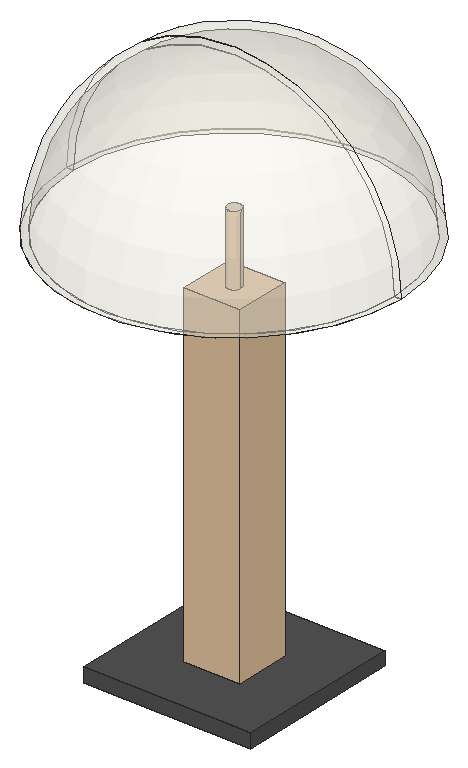
Revit family
Parameters (values of type "60 와트 백열")
  Wattage = 60 W
  built-in parameter 1150110 = 1 (stored number, unit not read)
  built-in parameter 1114217 = 1 (stored number, unit not read)
  built-in parameter 1150109 = 1 (stored number, unit not read)
  built-in parameter 1150134 = 4
  built-in parameter 1150113 = 1 (stored number, unit not read)
  built-in parameter 1150115 = 1 (stored number, unit not read)
  built-in parameter 1150105 = 68.039 (stored number, unit not read)
  Light Source Symbol Size = 609.6 mm
  built-in parameter 1150137 = (empty or 0)
  built-in parameter 1150139 = (empty or 0)
  built-in parameter 1150112 = 1 (stored number, unit not read)
  built-in parameter 1150114 = 1 (stored number, unit not read)
  Lamp = "A-19"
  Lumens = 855 lm
  음영처리 = 유리 - 젖빛
  스탠드 = 목재 - 자작나무
  Wattage Comments = "60"
  built-in parameter 1150132 = (empty or 0)
  built-in parameter 1150102 = (empty or 0)
  built-in parameter 1150138 = (empty or 0)
  built-in parameter 1150107 = 2800 (stored number, unit not read)
  built-in parameter 1150106 = 0.68039 (stored number, unit not read)
  built-in parameter 1150104 = 1.3239 (stored number, unit not read)
  Dimming Lamp Color Temperature Shift = (empty or 0)
  Color Filter = 16777215
  베이스 = 금속 - 크롬
  built-in parameter 1114218 = 1 (stored number, unit not read)
  built-in parameter 1150133 = 10 (stored number, unit not read)
Types (3, lengths in mm): name | Wattage | built-in parameter 1150105 | Lamp | Lumens | Wattage Comments | built-in parameter 1150106 | built-in parameter 1150104
  (no name) | 60 W | 68.039 (stored number, unit not read) | "A-19" | 855 lm | "60" | 0.68039 (stored number, unit not read) | 1.3239 (stored number, unit not read)
  60 와트 백열 | 60 W | 68.039 (stored number, unit not read) | "A-19" | 855 lm | "60" | 0.68039 (stored number, unit not read) | 1.3239 (stored number, unit not read)
  100 와트 백열 | 100 W | 95.493 (stored number, unit not read) | "R-30" | 1200 lm | "100" | 0.95493 (stored number, unit not read) | 1.1148 (stored number, unit not read)
Reference planes
  plane 1 "광원 축": y = 0
  plane 2: z = 0
  plane 3 "광원 축": x = 0
  plane 4 "광원 입면도": z = 425.95
  plane 5: y = 25.4
  plane 6: y = -25.4
  plane 7: x = -25.4
  plane 8: x = 25.4
  plane 9: z = 560.558
  plane 10: z = 408.158
Forms (mm)
  Extrusion 1, solid, material "금속 - 크롬" <- "베이스"
    sketch origin (0, 0, 0) x (1, 0, 0) y (0, 1, 0)
      loop
        line (-76.2, 76.2) -> (-76.2, -76.2) -> (76.2, -76.2) -> (76.2, 76.2) -> (-76.2, 76.2)
    from 12.7 to 25.4
  Revolve 2, solid, material "금속 - 크롬" <- "베이스"
    sketch origin (0, 50.8, 0) x (1, 0, 0) y (0, 0, 1)
      loop
        line (53.975, 12.7) -> (53.975, 0)
        arc (53.975, 0) -> (62.955, 3.72) -> (66.675, 12.7) r 12.7
        line (66.675, 12.7) -> (53.975, 12.7)
      axis (50.8, 12.7) -> (50.8, 0)
    angle from 0 to 360
  Revolve 3, solid, material "금속 - 크롬" <- "베이스"
    sketch origin (0.024, -50.8, 0) x (1, 0, 0) y (0, 0, 1)
      loop
        line (53.975, 12.7) -> (53.975, 0)
        arc (53.975, 0) -> (62.955, 3.72) -> (66.675, 12.7) r 12.7
        line (66.675, 12.7) -> (53.975, 12.7)
      axis (50.8, 12.7) -> (50.8, 0)
    angle from 0 to 360
  Revolve 4, solid, material "금속 - 크롬" <- "베이스"
    sketch origin (-101.683, 50.8, 0) x (1, 0, 0) y (0, 0, 1)
      loop
        line (53.975, 12.7) -> (53.975, 0)
        arc (53.975, 0) -> (62.955, 3.72) -> (66.675, 12.7) r 12.7
        line (66.675, 12.7) -> (53.975, 12.7)
      axis (50.8, 12.7) -> (50.8, 0)
    angle from 0 to 360
  Revolve 5, solid, material "금속 - 크롬" <- "베이스"
    sketch origin (-101.659, -50.8, 0) x (1, 0, 0) y (0, 0, 1)
      loop
        line (53.975, 12.7) -> (53.975, 0)
        arc (53.975, 0) -> (62.955, 3.72) -> (66.675, 12.7) r 12.7
        line (66.675, 12.7) -> (53.975, 12.7)
      axis (50.8, 12.7) -> (50.8, 0)
    angle from 0 to 360
  Extrusion 6, solid, material "목재 - 자작나무" <- "스탠드"
    sketch origin (0, 0, 25.4) x (1, 0, 0) y (0, 1, 0)
      loop
        line (-25.4, -25.4) -> (25.4, -25.4) -> (25.4, 25.4) -> (-25.4, 25.4) -> (-25.4, -25.4)
    from 0 to 304.8
  Extrusion 7, solid, material "목재 - 자작나무" <- "스탠드"
    sketch origin (0, 0, 330.2) x (1, 0, 0) y (0, 1, 0)
      loop
        circle (0, 0) r 6.35
    from 0 to 63.5
  Revolve 8, solid, material "유리 - 젖빛" <- "음영처리"
    sketch origin (0, 0, -36.048) x (1, 0, 0) y (0, 0, 1)
      loop
        line (0, 560.558) -> (0, 554.208)
        arc (0, 554.208) -> (103.273, 511.431) -> (146.05, 408.158) r 146.05
        line (146.05, 408.158) -> (152.4, 408.158)
        arc (152.4, 408.158) -> (107.763, 515.921) -> (0, 560.558) r 152.4
      axis (0, 560.558) -> (0, 408.158)
    angle from 0 to 360
Lines and regions (mm)
  symbolic lines
    curve 1: line (-76.2, 76.2, 0) -> (76.2, 76.2, 0)
    curve 2: line (-76.2, -76.2, 0) -> (-76.2, 76.2, 0)
    curve 3: line (76.2, -76.2, 0) -> (-76.2, -76.2, 0)
    curve 4: line (76.2, 76.2, 0) -> (76.2, -76.2, 0)
    curve 5: line (-25.4, 25.4, 0) -> (25.4, 25.4, 0)
    curve 6: line (-25.4, -25.4, 0) -> (-25.4, 25.4, 0)
    curve 7: line (25.4, -25.4, 0) -> (-25.4, -25.4, 0)
    curve 8: line (25.4, 25.4, 0) -> (25.4, -25.4, 0)
    curve 9: arc (152.4, 0, 0) -> (0, 152.4, 0) -> (-152.4, 0, 0) r 152.4
    curve 10: arc (-152.4, 0, 0) -> (0, -152.4, 0) -> (152.4, 0, 0) r 152.4
Dimensions and locks
  aligned and locked: plane 3 "광원 축" to imposter light
  aligned and locked: plane 1 "광원 축" to imposter light
  aligned and locked: plane 4 "광원 입면도" to imposter light
